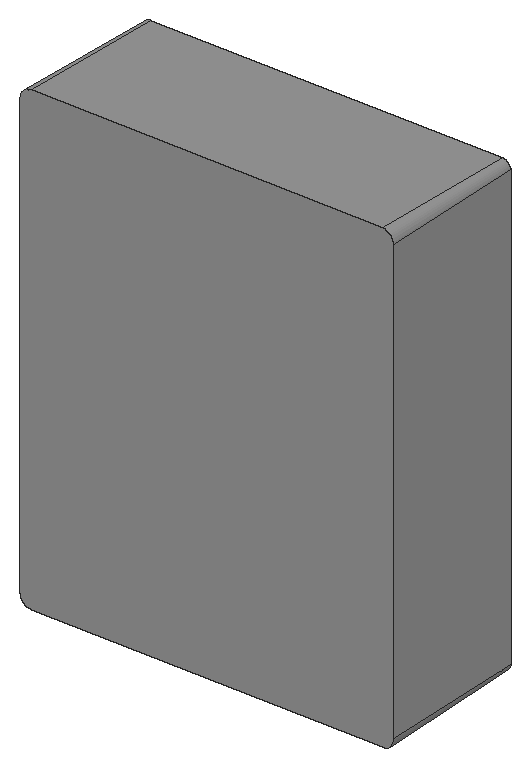
Revit family "L&L_LUCE&LIGHT_PASITO_MINI_1.2", category Lighting Fixtures, host Wall, Revit 2018 (continued)
Types (2, lengths in cm): name | Photometric Web File | built-in parameter 1150142
    8 \r\n12.65 12.26 11.91 11.57 11.26 10.97 10.71 10.47 10.26 \r\n10.07 9.89 9.72 9.52 9.29 9.02 8.75 8.50 8.29 8.13 7.98 \r\n7.83 7.65 7.45 7.28 7.12 6.98 6.81 6.62 6.45 6.28 6.12 \r\n5.95 5.77 5.61 5.45 5.28 5.11 4.94 4.79 4.62 4.46 4.31 \r\n4.15 3.98 3.83 3.66 3.51 3.36 3.21 3.06 2.92 2.78 2.64 \r\n2.49 2.36 2.24 2.11 1.98 1.85 1.73 1.61 1.49 1.37 1.26 \r\n1.16 1.06 0.96 0.86 0.77 0.68 0.60 0.51 0.43 0.35 0.27 \r\n0.20 0.13 0.06 0.02 0.02 \r\n0.01 0.07 0.33 0.85 1.33 1.59 2.00 2.72 3.61 4.70 6.13 \r\n7.90 9.72 11.86 14.65 17.90 21.69 26.22 31.29 36.88 42.92 \r\n48.75 53.54 56.97 59.28 61.23 63.09 64.94 66.56 68.08 \r\n69.76 71.37 72.83 74.07 75.32 76.66 77.80 78.78 79.76 \r\n80.67 81.43 82.06 82.64 83.10 83.46 83.74 83.80 83.77 \r\n83.78 83.74 83.50 83.00 82.36 81.66 80.90 80.08 79.20 \r\n78.23 77.16 76.00 74.73 73.30 71.76 70.19 68.58 66.88 \r\n65.09 63.23 61.27 59.21 57.03 54.72 52.31 49.82 47.23 \r\n44.57 41.89 39.25 36.68 34.24 31.96 29.88 27.98 26.27 \r\n24.72 23.34 22.09 20.97 19.96 19.04 18.21 17.45 16.74 \r\n16.08 15.44 14.82 14.23 13.67 13.15 12.67 12.22 11.81 \r\n11.42 11.06 10.73 10.42 10.15 9.90 9.68 9.48 9.29 9.10 \r\n8.89 8.65 8.38 8.12 7.89 7.71 7.57 7.43 7.27 7.10 6.94 \r\n6.80 6.66 6.51 6.34 6.18 6.04 5.89 5.73 5.55 5.40 5.27 \r\n5.11 4.94 4.80 4.65 4.49 4.35 4.20 4.05 3.90 3.76 3.61 \r\n3.47 3.34 3.19 3.05 2.92 2.78 2.65 2.53 2.40 2.27 2.15 \r\n2.03 1.91 1.80 1.68 1.58 1.46 1.35 1.25 1.15 1.06 0.96 \r\n0.87 0.79 0.70 0.62 0.55 0.47 0.39 0.32 0.25 0.18 0.11 \r\n0.05 0.02 0.02 \r\n0.01 0.07 0.27 0.73 1.20 1.50 1.76 2.25 2.98 3.80 4.83 \r\n6.14 7.76 9.45 11.30 13.74 16.57 19.71 23.54 27.96 32.63 \r\n37.73 42.90 47.67 51.58 54.44 56.50 57.94 59.13 60.32 \r\n61.44 62.46 63.53 64.62 65.53 66.24 66.88 67.61 68.34 \r\n68.91 69.26 69.49 69.70 69.89 70.06 70.14 70.07 69.88 \r\n69.64 69.36 68.99 68.47 67.83 67.15 66.46 65.72 64.89 \r\n63.96 62.95 61.87 60.72 59.53 58.31 57.04 55.69 54.34 \r\n52.96 51.47 49.94 48.40 46.82 45.18 43.49 41.77 40.01 \r\n38.20 36.34 34.46 32.60 30.77 29.01 27.33 25.75 24.28 \r\n22.94 21.71 20.58 19.55 18.61 17.75 16.96 16.24 15.57 \r\n14.93 14.32 13.73 13.16 12.62 12.11 11.64 11.20 10.79 \r\n10.41 10.06 9.74 9.45 9.18 8.95 8.73 8.52 8.30 8.06 7.82 \r\n7.57 7.35 7.17 7.04 6.93 6.80 6.65 6.50 6.36 6.24 6.10 \r\n5.94 5.80 5.67 5.54 5.38 5.23 5.10 4.98 4.83 4.69 4.55 \r\n4.42 4.28 4.15 4.02 3.88 3.74 3.61 3.48 3.35 3.21 3.09 \r\n2.97 2.84 2.72 2.59 2.48 2.37 2.25 2.13 2.03 1.92 1.81 \r\n1.70 1.60 1.50 1.40 1.30 1.21 1.12 1.03 0.95 0.86 0.78 \r\n0.71 0.63 0.56 0.49 0.42 0.36 0.29 0.23 0.16 0.10 0.04 \r\n0.02 0.02 \r\n0.01 0.06 0.21 0.59 1.03 1.37 1.58 1.85 2.36 3.01 3.75 \r\n4.66 5.77 7.15 8.67 10.26 12.20 14.54 17.09 19.96 23.38 \r\n27.18 31.34 35.82 40.02 43.76 47.10 49.82 51.81 52.93 \r\n53.29 53.70 54.47 55.21 55.70 56.06 56.38 56.65 56.97 \r\n57.33 57.61 57.64 57.47 57.33 57.25 57.13 56.94 56.63 \r\n56.21 55.76 55.32 54.85 54.31 53.68 53.00 52.27 51.49 \r\n50.72 49.95 49.14 48.27 47.35 46.37 45.36 44.35 43.37 \r\n42.37 41.32 40.20 39.05 37.92 36.79 35.65 34.45 33.22 \r\n31.93 30.63 29.34 28.03 26.72 25.42 24.15 22.90 21.70 \r\n20.57 19.50 18.51 17.60 16.76 15.98 15.27 14.61 14.00 \r\n13.42 12.87 12.33 11.81 11.32 10.84 10.40 9.98 9.59 9.23 \r\n8.90 8.60 8.31 8.04 7.78 7.53 7.28 7.06 6.85 6.67 6.52 \r\n6.40 6.29 6.18 6.06 5.93 5.82 5.69 5.56 5.43 5.31 5.19 \r\n5.06 4.94 4.82 4.70 4.58 4.45 4.33 4.22 4.10 3.98 3.86 \r\n3.74 3.62 3.50 3.38 3.26 3.14 3.03 2.92 2.81 2.69 2.59 \r\n2.49 2.39 2.28 2.18 2.07 1.98 1.88 1.78 1.67 1.58 1.50 \r\n1.40 1.32 1.23 1.15 1.07 0.99 0.91 0.83 0.76 0.69 0.62 \r\n0.55 0.49 0.43 0.37 0.32 0.26 0.20 0.14 0.08 0.04 0.02 \r\n0.02 \r\n0.01 0.06 0.15 0.44 0.85 1.20 1.44 1.61 1.86 2.27 2.80 \r\n3.43 4.18 5.08 6.18 7.42 8.72 10.16 11.87 13.81 15.91 \r\n18.28 20.95 23.75 26.69 29.87 33.01 35.68 37.75 39.22 \r\n40.09 40.49 40.46 40.22 40.17 40.33 40.40 40.26 40.04 \r\n39.89 39.84 39.75 39.57 39.35 39.09 38.76 38.43 38.19 \r\n38.01 37.78 37.44 37.07 36.70 36.30 35.89 35.47 35.01 \r\n34.48 33.93 33.45 32.99 32.52 31.98 31.42 30.86 30.30 \r\n29.69 29.05 28.38 27.71 27.04 26.37 25.67 24.95 24.23 \r\n23.49 22.75 21.98 21.19 20.38 19.56 18.74 17.93 17.15 \r\n16.40 15.68 15.00 14.35 13.73 13.16 12.62 12.13 11.67 \r\n11.23 10.82 10.41 10.02 9.63 9.25 8.88 8.53 8.18 7.86 \r\n7.54 7.24 6.95 6.67 6.42 6.19 6.00 5.85 5.72 5.62 5.52 \r\n5.43 5.34 5.24 5.13 5.03 4.92 4.82 4.71 4.61 4.51 4.41 \r\n4.31 4.20 4.10 4.00 3.89 3.79 3.68 3.58 3.48 3.37 3.27 \r\n3.17 3.07 2.98 2.88 2.77 2.68 2.58 2.49 2.39 2.30 2.21 \r\n2.13 2.04 1.96 1.87 1.78 1.69 1.60 1.52 1.44 1.36 1.28 \r\n1.21 1.13 1.05 0.98 0.91 0.84 0.78 0.72 0.65 0.59 0.53 \r\n0.48 0.42 0.37 0.32 0.27 0.22 0.17 0.12 0.07 0.03 0.02 \r\n0.02 \r\n0.01 0.05 0.13 0.33 0.64 0.97 1.24 1.43 1.59 1.77 2.04 \r\n2.42 2.91 3.49 4.18 4.99 5.91 6.89 7.86 8.92 10.16 11.55 \r\n13.02 14.51 16.14 17.80 19.37 20.81 22.16 23.21 23.76 \r\n23.83 23.65 23.53 23.52 23.54 23.56 23.50 23.42 23.41 \r\n23.36 23.25 23.12 23.04 22.94 22.83 22.72 22.62 22.50 \r\n22.33 22.12 21.94 21.76 21.61 21.45 21.28 21.07 20.84 \r\n20.58 20.33 20.09 19.88 19.65 19.41 19.14 18.85 18.53 \r\n18.19 17.83 17.47 17.11 16.76 16.42 16.07 15.71 15.32 \r\n14.93 14.53 14.12 13.72 13.31 12.92 12.53 12.15 11.77 \r\n11.40 11.05 10.70 10.36 10.04 9.73 9.43 9.15 8.87 8.60 \r\n8.32 8.04 7.76 7.47 7.17 6.87 6.58 6.29 6.01 5.74 5.49 \r\n5.27 5.08 4.93 4.82 4.73 4.66 4.59 4.53 4.46 4.38 4.30 \r\n4.22 4.13 4.04 3.96 3.87 3.79 3.71 3.62 3.54 3.45 3.37 \r\n3.29 3.21 3.12 3.03 2.95 2.86 2.77 2.69 2.61 2.53 2.45 \r\n2.37 2.29 2.21 2.13 2.06 1.98 1.90 1.83 1.75 1.68 1.61 \r\n1.54 1.47 1.40 1.33 1.26 1.19 1.13 1.06 1.00 0.94 0.88 \r\n0.82 0.76 0.70 0.65 0.59 0.54 0.49 0.44 0.39 0.35 0.31 \r\n0.27 0.22 0.18 0.14 0.09 0.05 0.03 0.02 0.02 \r\n0.01 0.04 0.10 0.21 0.43 0.70 0.95 1.16 1.34 1.49 1.61 \r\n1.77 1.97 2.27 2.66 3.11 3.61 4.17 4.79 5.50 6.22 6.95 \r\n7.68 8.42 9.12 10.00 10.78 11.44 12.00 12.38 12.61 12.73 \r\n12.80 12.91 12.97 12.99 12.95 12.92 12.96 13.05 13.14 \r\n13.19 13.19 13.17 13.18 13.18 13.20 13.18 13.15 13.11 \r\n13.07 13.02 12.96 12.89 12.80 12.74 12.66 12.60 12.52 \r\n12.43 12.33 12.21 12.08 11.94 11.79 11.63 11.47 11.29 \r\n11.11 10.94 10.76 10.58 10.39 10.21 10.03 9.84 9.66 9.48 \r\n9.31 9.13 8.95 8.78 8.60 8.43 8.25 8.08 7.91 7.74 7.57 \r\n7.40 7.23 7.07 6.90 6.73 6.54 6.34 6.13 5.90 5.66 5.41 \r\n5.14 4.88 4.63 4.41 4.23 4.10 4.01 3.95 3.90 3.86 3.80 \r\n3.74 3.67 3.60 3.53 3.46 3.39 3.33 3.26 3.20 3.13 3.06 \r\n2.99 2.92 2.85 2.79 2.73 2.67 2.60 2.53 2.46 2.40 2.34 \r\n2.27 2.20 2.14 2.07 2.01 1.95 1.89 1.82 1.76 1.69 1.63 \r\n1.57 1.51 1.45 1.39 1.34 1.28 1.23 1.17 1.11 1.06 1.00 \r\n0.95 0.90 0.84 0.79 0.74 0.69 0.65 0.60 0.56 0.51 0.47 \r\n0.43 0.39 0.35 0.31 0.27 0.24 0.21 0.18 0.14 0.11 0.07 \r\n0.04 0.02 0.02 0.02 \r\n0.01 0.04 0.08 0.15 0.25 0.43 0.60 0.79 0.97 1.13 1.28 \r\n1.40 1.52 1.62 1.74 1.90 2.09 2.33 2.59 2.90 3.23 3.61 \r\n4.00 4.42 4.80 5.20 5.53 5.84 6.07 6.25 6.37 6.47 6.55 \r\n6.63 6.69 6.72 6.75 6.79 6.87 6.96 7.04 7.12 7.17 7.22 \r\n7.27 7.32 7.39 7.44 7.49 7.51 7.53 7.54 7.56 7.58 7.62 \r\n7.64 7.64 7.63 7.62 7.61 7.60 7.58 7.55 7.50 7.44 7.37 \r\n7.29 7.22 7.14 7.07 6.99 6.91 6.82 6.73 6.64 6.55 6.45 \r\n6.35 6.26 6.16 6.07 5.97 5.88 5.78 5.68 5.57 5.47 5.37 \r\n5.27 5.16 5.05 4.93 4.81 4.68 4.54 4.39 4.23 4.07 3.90 \r\n3.75 3.62 3.50 3.41 3.33 3.27 3.21 3.15 3.09 3.03 2.97 \r\n2.91 2.85 2.80 2.74 2.69 2.63 2.58 2.52 2.47 2.41 2.36 \r\n2.31 2.26 2.21 2.16 2.10 2.05 2.00 1.95 1.90 1.85 1.80 \r\n1.74 1.69 1.64 1.59 1.55 1.51 1.46 1.41 1.36 1.32 1.27 \r\n1.23 1.18 1.14 1.09 1.05 1.00 0.96 0.92 0.88 0.84 0.80 \r\n0.75 0.71 0.67 0.63 0.59 0.56 0.52 0.48 0.45 0.42 0.39 \r\n0.35 0.32 0.29 0.26 0.23 0.20 0.18 0.15 0.13 0.10 0.08 \r\n0.05 0.03 0.02 0.02 0.02 \r\n0.01 0.03 0.06 0.09 0.15 0.22 0.28 0.39 0.50 0.62 0.74 \r\n0.86 0.97 1.08 1.18 1.28 1.37 1.46 1.55 1.64 1.74 1.84 \r\n1.96 2.09 2.24 2.39 2.50 2.57 2.63 2.67 2.68 2.74 2.80 \r\n2.85 2.90 2.95 2.99 3.03 3.09 3.14 3.19 3.25 3.31 3.37 \r\n3.44 3.50 3.56 3.61 3.64 3.67 3.70 3.73 3.76 3.79 3.81 \r\n3.83 3.84 3.85 3.85 3.86 3.87 3.87 3.87 3.87 3.86 3.85 \r\n3.84 3.83 3.81 3.79 3.77 3.74 3.71 3.68 3.64 3.61 3.57 \r\n3.54 3.50 3.46 3.42 3.37 3.33 3.29 3.24 3.19 3.14 3.09 \r\n3.04 2.98 2.93 2.87 2.82 2.77 2.72 2.68 2.63 2.59 2.55 \r\n2.51 2.47 2.43 2.39 2.35 2.31 2.26 2.22 2.18 2.14 2.09 \r\n2.05 2.01 1.97 1.93 1.89 1.85 1.80 1.76 1.72 1.68 1.64 \r\n1.60 1.56 1.52 1.49 1.45 1.41 1.38 1.34 1.31 1.27 1.24 \r\n1.20 1.16 1.13 1.09 1.06 1.03 0.99 0.96 0.93 0.90 0.86 \r\n0.83 0.80 0.77 0.74 0.71 0.67 0.64 0.61 0.59 0.56 0.53 \r\n0.51 0.48 0.45 0.42 0.40 0.37 0.35 0.32 0.30 0.28 0.25 \r\n0.23 0.21 0.19 0.17 0.15 0.13 0.11 0.10 0.08 0.06 0.05 \r\n0.04 0.03 0.02 0.02 0.02 \r\n0.01 0.02 0.04 0.06 0.08 0.10 0.12 0.15 0.18 0.21 0.24 \r\n0.26 0.30 0.36 0.41 0.46 0.51 0.56 0.60 0.65 0.71 0.77 \r\n0.83 0.88 0.94 0.98 1.01 1.04 1.08 1.11 1.15 1.18 1.21 \r\n1.23 1.26 1.28 1.31 1.35 1.38 1.42 1.45 1.49 1.51 1.53 \r\n1.55 1.57 1.59 1.61 1.63 1.65 1.66 1.68 1.69 1.70 1.71 \r\n1.72 1.73 1.75 1.76 1.77 1.78 1.78 1.78 1.77 1.77 1.76 \r\n1.75 1.75 1.75 1.75 1.75 1.74 1.73 1.72 1.71 1.70 1.69 \r\n1.67 1.66 1.65 1.64 1.62 1.61 1.60 1.58 1.57 1.55 1.53 \r\n1.51 1.50 1.48 1.47 1.46 1.45 1.43 1.42 1.40 1.38 1.36 \r\n1.34 1.33 1.31 1.29 1.28 1.26 1.25 1.23 1.20 1.18 1.16 \r\n1.13 1.11 1.09 1.07 1.05 1.03 1.01 0.98 0.96 0.94 0.92 \r\n0.89 0.87 0.85 0.83 0.81 0.79 0.77 0.75 0.73 0.71 0.69 \r\n0.67 0.64 0.62 0.60 0.58 0.56 0.54 0.53 0.51 0.49 0.47 \r\n0.46 0.44 0.42 0.41 0.39 0.37 0.35 0.33 0.32 0.30 0.28 \r\n0.27 0.25 0.24 0.22 0.21 0.20 0.18 0.17 0.15 0.14 0.13 \r\n0.11 0.10 0.09 0.08 0.07 0.06 0.06 0.05 0.04 0.04 0.03 \r\n0.03 0.02 0.02 0.02 0.02 \r\n0.01 0.02 0.02 0.02 0.03 0.03 0.03 0.04 0.04 0.04 0.05 \r\n0.05 0.05 0.06 0.06 0.07 0.07 0.07 0.08 0.08 0.09 0.09 \r\n0.10 0.10 0.10 0.11 0.11 0.12 0.12 0.13 0.13 0.14 0.14 \r\n0.15 0.15 0.16 0.16 0.16 0.17 0.17 0.18 0.18 0.19 0.19 \r\n0.19 0.20 0.20 0.21 0.21 0.21 0.22 0.22 0.23 0.23 0.23 \r\n0.24 0.24 0.25 0.25 0.25 0.26 0.26 0.26 0.27 0.27 0.27 \r\n0.28 0.28 0.28 0.29 0.29 0.29 0.30 0.30 0.30 0.31 0.31 \r\n0.31 0.31 0.31 0.32 0.32 0.32 0.32 0.32 0.32 0.33 0.33 \r\n0.33 0.33 0.33 0.33 0.33 0.33 0.33 0.33 0.33 0.33 0.33 \r\n0.33 0.33 0.33 0.32 0.32 0.32 0.32 0.32 0.31 0.31 0.31 \r\n0.31 0.30 0.30 0.30 0.29 0.29 0.29 0.28 0.28 0.28 0.27 \r\n0.27 0.26 0.26 0.25 0.25 0.24 0.24 0.23 0.23 0.23 0.22 \r\n0.22 0.21 0.21 0.20 0.20 0.19 0.19 0.18 0.18 0.17 0.17 \r\n0.16 0.16 0.15 0.15 0.14 0.14 0.13 0.13 0.12 0.12 0.11 \r\n0.11 0.10 0.10 0.09 0.09 0.08 0.08 0.07 0.07 0.06 0.06 \r\n0.05 0.05 0.04 0.04 0.03 0.03 0.03 0.02 0.02 0.02 0.02 \r\n0.02 0.02 0.02 0.02 0.02 \r\n"
